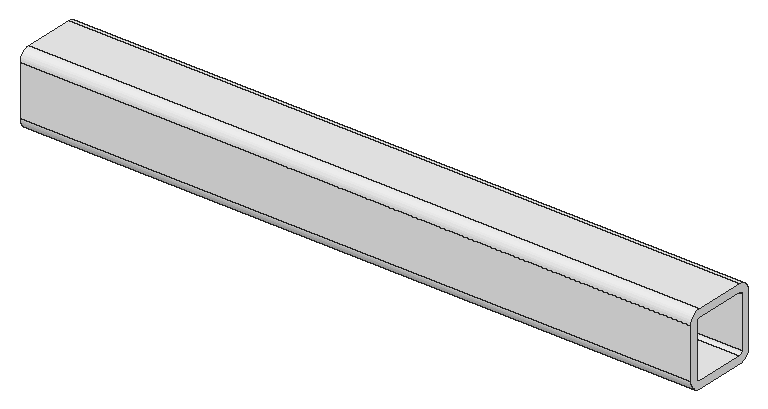
Revit family "CQV - Cortes quadrados vazados (sem emenda)", category Quadro estrutural, Revit 2019
Family settings
  Arredondamento do comprimento do framing estrutural = 1 mm
  Forma do corte = Não definido
  Material para o comportamento do modelo = Aço
  Exportar sempre como geometria = Não
  Sempre na vertical = Sim
  Corte com vazios quando carregada = Não
  Representação simbólica = Das configurações de projeto
  Compartilhado = Não
  Exibir o pré-corte da família na vista da planta = Sim
Parameters (values of type "SHS 130x130x12.7")
  ro = 19.05 mm
  t = 12.7 mm
  ri = 6.35 mm
  W = 0.04488
  Structural Material [instance] = Metal - Aço - 250 MPa
  d = 130 mm
  b = 130 mm
  Assembly Code = ""
  Length [instance] = 1500 mm
  A = 0.000572 m²
Reference planes
  plane 1 "Centro (Frente/Trás)": y = 0
  plane 2: z = 0
  plane 3 "Centro (Esquerda/Direita)": x = 4.61
  plane 4 "Membro esquerdo": x = -604.99
  plane 5 "Membro direito": x = 614.21
  plane 6 "Direita": x = 766.61
  plane 7 "Esquerda": x = -733.39
  plane 8: y = 65
  plane 9: y = -65
  plane 10: z = -65
  plane 11: z = 65
Forms (mm)
  Sweep 1, solid, material "Metal - Aço - 250 MPa" <- "Structural Material", detail levels medium
    path origin (0, 0, 0) x (1, 0, 0) y (0, 1, 0)
      loop
        line (-604.99, 0) -> (614.21, 0)
    profile "CQV - Cortes quadrados vazados - Perfil - Médio : CQV - Cortes quadrados vazados - Perfil - Médio" origin (4.61, 0, 0) x (0, 1, 0) y (0, 0, 1)
      loop
        line (-52.3, 52.3) -> (-52.3, -52.3) -> (52.3, -52.3) -> (52.3, 52.3) -> (-52.3, 52.3)
      loop
        line (-65, 65) -> (-65, -65) -> (65, -65) -> (65, 65) -> (-65, 65)
  Sweep 2, solid, material "Metal - Aço - 250 MPa" <- "Structural Material", detail levels fine
    path origin (0, 0, 0) x (1, 0, 0) y (0, 1, 0)
      loop
        line (-604.99, 0) -> (614.21, 0)
    profile "CQV - Cortes quadrados vazados - Perfil - Alto : CQV - Cortes quadrados vazados - Perfil - Alto" origin (4.61, 0, 0) x (0, 1, 0) y (0, 0, 1)
      loop
        arc (-45.95, 52.3) -> (-50.44, 50.44) -> (-52.3, 45.95) r 6.35
        line (-52.3, 45.95) -> (-52.3, -45.95)
        arc (-52.3, -45.95) -> (-50.44, -50.44) -> (-45.95, -52.3) r 6.35
        line (-45.95, -52.3) -> (45.95, -52.3)
        arc (45.95, -52.3) -> (50.44, -50.44) -> (52.3, -45.95) r 6.35
        line (52.3, -45.95) -> (52.3, 45.95)
        arc (52.3, 45.95) -> (50.44, 50.44) -> (45.95, 52.3) r 6.35
        line (45.95, 52.3) -> (-45.95, 52.3)
      loop
        arc (-45.95, 65) -> (-59.42, 59.42) -> (-65, 45.95) r 19.05
        line (-65, 45.95) -> (-65, -45.95)
        arc (-65, -45.95) -> (-59.42, -59.42) -> (-45.95, -65) r 19.05
        line (-45.95, -65) -> (45.95, -65)
        arc (45.95, -65) -> (59.42, -59.42) -> (65, -45.95) r 19.05
        line (65, -45.95) -> (65, 45.95)
        arc (65, 45.95) -> (59.42, 59.42) -> (45.95, 65) r 19.05
        line (45.95, 65) -> (-45.95, 65)
Lines and regions (mm)
  symbolic lines, style "Símbolos de vara", detail levels coarse
    curve 1: line (-733.39, -65, 65) -> (-733.39, 65, 65)
    curve 2: line (-733.39, 65, 65) -> (-733.39, 65, -65)
    curve 3: line (-733.39, -65, -65) -> (-733.39, -65, 65)
    curve 4: line (-733.39, 65, -65) -> (-733.39, -65, -65)
  symbolic lines, style "Faces ocultas", detail levels medium+fine
    curve 5: line (-604.99, 52.3, 0) -> (614.21, 52.3, 0)
    curve 6: line (-604.99, -52.3, 0) -> (614.21, -52.3, 0)
    curve 7: line (-604.99, 0, 52.3) -> (614.21, 0, 52.3)
    curve 8: line (614.21, 0, -52.3) -> (-604.99, 0, -52.3)
Dimensions and locks
  "Length": plane 7 "Esquerda" to plane 6 "Direita"
  equal spacing: plane 8, plane 1 "Centro (Frente/Trás)", plane 9
  "b": plane 8 to plane 9
  equal spacing: plane 11, plane 2, plane 10
  "d": plane 10 to plane 11
  aligned and locked: plane 1 "Centro (Frente/Trás)" to Sweep 1 sketch curve
  aligned and locked: plane 1 "Centro (Frente/Trás)" to Sweep 2 sketch curve
  aligned and locked: curve 1 to Sweep 1
  aligned and locked: curve 2 to Sweep 1
  aligned and locked: curve 3 to Sweep 1
  aligned and locked: curve 4 to Sweep 1
  aligned and locked: curve 5 to Sweep 1
  aligned and locked: curve 6 to Sweep 1
  aligned and locked: curve 7 to Sweep 1
  aligned and locked: curve 8 to Sweep 1
  aligned and locked: plane 4 "Membro esquerdo" to Sweep 1 sketch curve
  aligned and locked: plane 5 "Membro direito" to Sweep 1 sketch curve
  aligned and locked: plane 4 "Membro esquerdo" to Sweep 2 sketch curve
  aligned and locked: plane 5 "Membro direito" to Sweep 2 sketch curve
  aligned and locked: plane 4 "Membro esquerdo" to curve 5
  aligned and locked: plane 5 "Membro direito" to curve 5
  aligned and locked: plane 4 "Membro esquerdo" to curve 6
  aligned and locked: plane 5 "Membro direito" to curve 6
  aligned and locked: plane 4 "Membro esquerdo" to curve 7
  aligned and locked: plane 5 "Membro direito" to curve 7
  aligned and locked: plane 4 "Membro esquerdo" to curve 8
  aligned and locked: plane 5 "Membro direito" to curve 8
Types in the file's own list only (298): name | ro | t | ri | W | d | b | A
  SHS 50x50x3.6 | 5 mm | 4 mm | 2 mm | 0.00503 | 50 mm | 50 mm | 0.00 m²
  SHS 50x50x3.9 | 6 mm | 4 mm | 2 mm | 0.00542 | 50 mm | 50 mm | 0.00 m²
  SHS 50x50x4.4 | 7 mm | 4 mm | 2 mm | 0.00607 | 50 mm | 50 mm | 0.00 m²
  SHS 50x50x4.8 | 7 mm | 5 mm | 2 mm | 0.00657 | 50 mm | 50 mm | 0.00 m²
  SHS 50x50x5.2 | 8 mm | 5 mm | 3 mm | 0.00707 | 50 mm | 50 mm | 0.00 m²
  SHS 50x50x5.6 | 8 mm | 6 mm | 3 mm | 0.00755 | 50 mm | 50 mm | 0.00 m²
  SHS 50x50x6.4 | 10 mm | 6 mm | 3 mm | 0.00851 | 50 mm | 50 mm | 0.00 m²
  SHS 50x50x7.1 | 11 mm | 7 mm | 4 mm | 0.00931 | 50 mm | 50 mm | 0.00 m²
  SHS 55x55x3.6 | 5 mm | 4 mm | 2 mm | 0.00532 | 55 mm | 55 mm | 0.00 m²
  SHS 55x55x3.9 | 6 mm | 4 mm | 2 mm | 0.00573 | 55 mm | 55 mm | 0.00 m²
  SHS 55x55x4.4 | 7 mm | 4 mm | 2 mm | 0.00641 | 55 mm | 55 mm | 0.00 m²
  SHS 55x55x4.8 | 7 mm | 5 mm | 2 mm | 0.00695 | 55 mm | 55 mm | 0.00 m²
  SHS 55x55x5.2 | 8 mm | 5 mm | 3 mm | 0.00748 | 55 mm | 55 mm | 0.00 m²
  SHS 55x55x5.6 | 8 mm | 6 mm | 3 mm | 0.008 | 55 mm | 55 mm | 0.00 m²
  SHS 55x55x6.4 | 10 mm | 6 mm | 3 mm | 0.00901 | 55 mm | 55 mm | 0.00 m²
  SHS 55x55x7.1 | 11 mm | 7 mm | 4 mm | 0.00988 | 55 mm | 55 mm | 0.00 m²
  SHS 60x60x3.6 | 5 mm | 4 mm | 2 mm | 0.00616 | 60 mm | 60 mm | 0.00 m²
  SHS 60x60x3.9 | 6 mm | 4 mm | 2 mm | 0.00665 | 60 mm | 60 mm | 0.00 m²
  SHS 60x60x4.4 | 7 mm | 4 mm | 2 mm | 0.00744 | 60 mm | 60 mm | 0.00 m²
  SHS 60x60x4.8 | 7 mm | 5 mm | 2 mm | 0.00807 | 60 mm | 60 mm | 0.00 m²
  SHS 60x60x5.2 | 8 mm | 5 mm | 3 mm | 0.00869 | 60 mm | 60 mm | 0.00 m²
  SHS 60x60x5.6 | 8 mm | 6 mm | 3 mm | 0.00931 | 60 mm | 60 mm | 0.00 m²
  SHS 60x60x6.4 | 10 mm | 6 mm | 3 mm | 0.01051 | 60 mm | 60 mm | 0.00 m²
  SHS 60x60x7.1 | 11 mm | 7 mm | 4 mm | 0.01154 | 60 mm | 60 mm | 0.00 m²
  SHS 65x65x3.6 | 5 mm | 4 mm | 2 mm | 0.00643 | 65 mm | 65 mm | 0.00 m²
  SHS 65x65x3.9 | 6 mm | 4 mm | 2 mm | 0.00693 | 65 mm | 65 mm | 0.00 m²
  SHS 65x65x4.4 | 7 mm | 4 mm | 2 mm | 0.00777 | 65 mm | 65 mm | 0.00 m²
  SHS 65x65x4.8 | 7 mm | 5 mm | 2 mm | 0.00843 | 65 mm | 65 mm | 0.00 m²
  SHS 65x65x5.2 | 8 mm | 5 mm | 3 mm | 0.00908 | 65 mm | 65 mm | 0.00 m²
  SHS 65x65x5.6 | 8 mm | 6 mm | 3 mm | 0.00972 | 65 mm | 65 mm | 0.00 m²
  SHS 65x65x6.4 | 10 mm | 6 mm | 3 mm | 0.01098 | 65 mm | 65 mm | 0.00 m²
  SHS 65x65x7.1 | 11 mm | 7 mm | 4 mm | 0.01206 | 65 mm | 65 mm | 0.00 m²
  SHS 70x70x3.6 | 5 mm | 4 mm | 2 mm | 0.00757 | 70 mm | 70 mm | 0.00 m²
  SHS 70x70x3.9 | 6 mm | 4 mm | 2 mm | 0.00818 | 70 mm | 70 mm | 0.00 m²
  SHS 70x70x4.4 | 7 mm | 4 mm | 2 mm | 0.00917 | 70 mm | 70 mm | 0.00 m²
  SHS 70x70x4.8 | 7 mm | 5 mm | 2 mm | 0.00996 | 70 mm | 70 mm | 0.00 m²
  SHS 70x70x5.2 | 8 mm | 5 mm | 3 mm | 0.01073 | 70 mm | 70 mm | 0.00 m²
  SHS 70x70x5.6 | 8 mm | 6 mm | 3 mm | 0.0115 | 70 mm | 70 mm | 0.00 m²
  SHS 70x70x6.4 | 10 mm | 6 mm | 3 mm | 0.01302 | 70 mm | 70 mm | 0.00 m²
  SHS 70x70x7.1 | 11 mm | 7 mm | 4 mm | 0.01432 | 70 mm | 70 mm | 0.00 m²
  SHS 70x70x8.2 | 12 mm | 8 mm | 4 mm | 0.01632 | 70 mm | 70 mm | 0.00 m²
  SHS 75x75x3.6 | 5 mm | 4 mm | 2 mm | 0.00757 | 75 mm | 75 mm | 0.00 m²
  SHS 75x75x3.9 | 6 mm | 4 mm | 2 mm | 0.00818 | 75 mm | 75 mm | 0.00 m²
  SHS 75x75x4.4 | 7 mm | 4 mm | 2 mm | 0.00917 | 75 mm | 75 mm | 0.00 m²
  SHS 75x75x4.8 | 7 mm | 5 mm | 2 mm | 0.00996 | 75 mm | 75 mm | 0.00 m²
  SHS 75x75x5.2 | 8 mm | 5 mm | 3 mm | 0.01073 | 75 mm | 75 mm | 0.00 m²
  SHS 75x75x5.6 | 8 mm | 6 mm | 3 mm | 0.0115 | 75 mm | 75 mm | 0.00 m²
  SHS 75x75x6.4 | 10 mm | 6 mm | 3 mm | 0.01302 | 75 mm | 75 mm | 0.00 m²
  SHS 75x75x7.1 | 11 mm | 7 mm | 4 mm | 0.01432 | 75 mm | 75 mm | 0.00 m²
  SHS 75x75x8.2 | 12 mm | 8 mm | 4 mm | 0.01632 | 75 mm | 75 mm | 0.00 m²
  SHS 75x75x8.8 | 13 mm | 9 mm | 4 mm | 0.01738 | 75 mm | 75 mm | 0.00 m²
  SHS 75x75x9.5 | 14 mm | 10 mm | 5 mm | 0.0186 | 75 mm | 75 mm | 0.00 m²
  SHS 80x80x3.6 | 5 mm | 4 mm | 2 mm | 0.00825 | 80 mm | 80 mm | 0.00 m²
  SHS 80x80x3.9 | 6 mm | 4 mm | 2 mm | 0.00891 | 80 mm | 80 mm | 0.00 m²
  SHS 80x80x4.4 | 7 mm | 4 mm | 2 mm | 0.00999 | 80 mm | 80 mm | 0.00 m²
  SHS 80x80x4.8 | 7 mm | 5 mm | 2 mm | 0.01085 | 80 mm | 80 mm | 0.00 m²
  SHS 80x80x5.2 | 8 mm | 5 mm | 3 mm | 0.01171 | 80 mm | 80 mm | 0.00 m²
  SHS 80x80x5.6 | 8 mm | 6 mm | 3 mm | 0.01255 | 80 mm | 80 mm | 0.00 m²
  SHS 80x80x6.4 | 10 mm | 6 mm | 3 mm | 0.01422 | 80 mm | 80 mm | 0.00 m²
  SHS 80x80x7.1 | 11 mm | 7 mm | 4 mm | 0.01565 | 80 mm | 80 mm | 0.00 m²
  SHS 80x80x8.2 | 12 mm | 8 mm | 4 mm | 0.01786 | 80 mm | 80 mm | 0.00 m²
  SHS 80x80x8.8 | 13 mm | 9 mm | 4 mm | 0.01903 | 80 mm | 80 mm | 0.00 m²
  SHS 80x80x9.5 | 14 mm | 10 mm | 5 mm | 0.02038 | 80 mm | 80 mm | 0.00 m²
  SHS 85x85x3.9 | 6 mm | 4 mm | 2 mm | 0.0094 | 85 mm | 85 mm | 0.00 m²
  SHS 85x85x4.4 | 7 mm | 4 mm | 2 mm | 0.01055 | 85 mm | 85 mm | 0.00 m²
  SHS 85x85x4.8 | 7 mm | 5 mm | 2 mm | 0.01146 | 85 mm | 85 mm | 0.00 m²
  SHS 85x85x5.2 | 8 mm | 5 mm | 3 mm | 0.01236 | 85 mm | 85 mm | 0.00 m²
  SHS 85x85x5.6 | 8 mm | 6 mm | 3 mm | 0.01326 | 85 mm | 85 mm | 0.00 m²
  SHS 85x85x6.4 | 10 mm | 6 mm | 3 mm | 0.01503 | 85 mm | 85 mm | 0.00 m²
  SHS 85x85x7.1 | 11 mm | 7 mm | 4 mm | 0.01655 | 85 mm | 85 mm | 0.00 m²
  SHS 85x85x8.2 | 12 mm | 8 mm | 4 mm | 0.01889 | 85 mm | 85 mm | 0.00 m²
  SHS 85x85x8.8 | 13 mm | 9 mm | 4 mm | 0.02014 | 85 mm | 85 mm | 0.00 m²
  SHS 85x85x9.5 | 14 mm | 10 mm | 5 mm | 0.02158 | 85 mm | 85 mm | 0.00 m²
  SHS 90x90x3.9 | 6 mm | 4 mm | 2 mm | 0.01001 | 90 mm | 90 mm | 0.00 m²
  SHS 90x90x4.4 | 7 mm | 4 mm | 2 mm | 0.01124 | 90 mm | 90 mm | 0.00 m²
  SHS 90x90x4.8 | 7 mm | 5 mm | 2 mm | 0.01222 | 90 mm | 90 mm | 0.00 m²
  SHS 90x90x5.2 | 8 mm | 5 mm | 3 mm | 0.01318 | 90 mm | 90 mm | 0.00 m²
  SHS 90x90x5.6 | 8 mm | 6 mm | 3 mm | 0.01414 | 90 mm | 90 mm | 0.00 m²
  SHS 90x90x6.4 | 10 mm | 6 mm | 3 mm | 0.01604 | 90 mm | 90 mm | 0.00 m²
  SHS 90x90x7.1 | 11 mm | 7 mm | 4 mm | 0.01767 | 90 mm | 90 mm | 0.00 m²
  SHS 90x90x8.2 | 12 mm | 8 mm | 4 mm | 0.02018 | 90 mm | 90 mm | 0.00 m²
  SHS 90x90x8.8 | 13 mm | 9 mm | 4 mm | 0.0215 | 90 mm | 90 mm | 0.00 m²
  SHS 90x90x9.5 | 14 mm | 10 mm | 5 mm | 0.02308 | 90 mm | 90 mm | 0.00 m²
  SHS 90x90x10.3 | 15 mm | 10 mm | 5 mm | 0.02482 | 90 mm | 90 mm | 0.00 m²
  SHS 90x90x11.1 | 17 mm | 11 mm | 6 mm | 0.02653 | 90 mm | 90 mm | 0.00 m²
  SHS 95x95x4.4 | 7 mm | 4 mm | 2 mm | 0.01193 | 95 mm | 95 mm | 0.00 m²
  SHS 95x95x4.8 | 7 mm | 5 mm | 2 mm | 0.01296 | 95 mm | 95 mm | 0.00 m²
  SHS 95x95x5.2 | 8 mm | 5 mm | 3 mm | 0.01399 | 95 mm | 95 mm | 0.00 m²
  SHS 95x95x5.6 | 8 mm | 6 mm | 3 mm | 0.01501 | 95 mm | 95 mm | 0.00 m²
  SHS 95x95x6.4 | 10 mm | 6 mm | 3 mm | 0.01703 | 95 mm | 95 mm | 0.00 m²
  SHS 95x95x7.1 | 11 mm | 7 mm | 4 mm | 0.01877 | 95 mm | 95 mm | 0.00 m²
  SHS 95x95x8.2 | 12 mm | 8 mm | 4 mm | 0.02146 | 95 mm | 95 mm | 0.00 m²
  SHS 95x95x8.8 | 13 mm | 9 mm | 4 mm | 0.0229 | 95 mm | 95 mm | 0.00 m²
  SHS 95x95x9.5 | 14 mm | 10 mm | 5 mm | 0.02455 | 95 mm | 95 mm | 0.00 m²
  SHS 95x95x10.3 | 15 mm | 10 mm | 5 mm | 0.02642 | 95 mm | 95 mm | 0.00 m²
  SHS 95x95x11.1 | 17 mm | 11 mm | 6 mm | 0.02825 | 95 mm | 95 mm | 0.00 m²
  SHS 100x100x4.4 | 7 mm | 4 mm | 2 mm | 0.01265 | 100 mm | 100 mm | 0.00 m²
  SHS 100x100x4.8 | 7 mm | 5 mm | 2 mm | 0.01375 | 100 mm | 100 mm | 0.00 m²
  SHS 100x100x5.2 | 8 mm | 5 mm | 3 mm | 0.01485 | 100 mm | 100 mm | 0.00 m²
  SHS 100x100x5.6 | 8 mm | 6 mm | 3 mm | 0.01594 | 100 mm | 100 mm | 0.00 m²
  SHS 100x100x6.4 | 10 mm | 6 mm | 3 mm | 0.01809 | 100 mm | 100 mm | 0.00 m²
  SHS 100x100x7.1 | 11 mm | 7 mm | 4 mm | 0.01994 | 100 mm | 100 mm | 0.00 m²
  SHS 100x100x8.2 | 12 mm | 8 mm | 4 mm | 0.02281 | 100 mm | 100 mm | 0.00 m²
  SHS 100x100x8.8 | 13 mm | 9 mm | 4 mm | 0.02435 | 100 mm | 100 mm | 0.00 m²
  SHS 100x100x9.5 | 14 mm | 10 mm | 5 mm | 0.02612 | 100 mm | 100 mm | 0.00 m²
  SHS 100x100x10.3 | 15 mm | 10 mm | 5 mm | 0.02812 | 100 mm | 100 mm | 0.00 m²
  SHS 100x100x11.1 | 17 mm | 11 mm | 6 mm | 0.03008 | 100 mm | 100 mm | 0.00 m²
  SHS 100x100x12.7 | 19 mm | 13 mm | 6 mm | 0.03392 | 100 mm | 100 mm | 0.00 m²
  SHS 105x105x4.8 | 7 mm | 5 mm | 2 mm | 0.01447 | 105 mm | 105 mm | 0.00 m²
  SHS 105x105x5.2 | 8 mm | 5 mm | 3 mm | 0.01562 | 105 mm | 105 mm | 0.00 m²
  SHS 105x105x5.6 | 8 mm | 6 mm | 3 mm | 0.01677 | 105 mm | 105 mm | 0.00 m²
  SHS 105x105x6.4 | 10 mm | 6 mm | 3 mm | 0.01903 | 105 mm | 105 mm | 0.00 m²
  SHS 105x105x7.1 | 11 mm | 7 mm | 4 mm | 0.02099 | 105 mm | 105 mm | 0.00 m²
  SHS 105x105x8.2 | 12 mm | 8 mm | 4 mm | 0.02402 | 105 mm | 105 mm | 0.00 m²
  SHS 105x105x8.8 | 13 mm | 9 mm | 4 mm | 0.02565 | 105 mm | 105 mm | 0.00 m²
  SHS 105x105x9.5 | 14 mm | 10 mm | 5 mm | 0.02753 | 105 mm | 105 mm | 0.00 m²
  SHS 105x105x10.3 | 15 mm | 10 mm | 5 mm | 0.02964 | 105 mm | 105 mm | 0.00 m²
  SHS 105x105x11.1 | 17 mm | 11 mm | 6 mm | 0.03173 | 105 mm | 105 mm | 0.00 m²
  SHS 105x105x12.7 | 19 mm | 13 mm | 6 mm | 0.0358 | 105 mm | 105 mm | 0.00 m²
  SHS 110x110x4.8 | 7 mm | 5 mm | 2 mm | 0.01518 | 110 mm | 110 mm | 0.00 m²
  SHS 110x110x5.2 | 8 mm | 5 mm | 3 mm | 0.01639 | 110 mm | 110 mm | 0.00 m²
  SHS 110x110x5.6 | 8 mm | 6 mm | 3 mm | 0.01759 | 110 mm | 110 mm | 0.00 m²
  SHS 110x110x6.4 | 10 mm | 6 mm | 3 mm | 0.01998 | 110 mm | 110 mm | 0.00 m²
  SHS 110x110x7.1 | 11 mm | 7 mm | 4 mm | 0.02204 | 110 mm | 110 mm | 0.00 m²
  SHS 110x110x8.2 | 12 mm | 8 mm | 4 mm | 0.02524 | 110 mm | 110 mm | 0.00 m²
  SHS 110x110x8.8 | 13 mm | 9 mm | 4 mm | 0.02695 | 110 mm | 110 mm | 0.00 m²
  SHS 110x110x9.5 | 14 mm | 10 mm | 5 mm | 0.02893 | 110 mm | 110 mm | 0.00 m²
  SHS 110x110x10.3 | 15 mm | 10 mm | 5 mm | 0.03117 | 110 mm | 110 mm | 0.00 m²
  SHS 110x110x11.1 | 17 mm | 11 mm | 6 mm | 0.03337 | 110 mm | 110 mm | 0.00 m²
  SHS 110x110x12.7 | 19 mm | 13 mm | 6 mm | 0.03768 | 110 mm | 110 mm | 0.00 m²
  SHS 120x120x4.8 | 7 mm | 5 mm | 2 mm | 0.01671 | 120 mm | 120 mm | 0.00 m²
  SHS 120x120x5.2 | 8 mm | 5 mm | 3 mm | 0.01806 | 120 mm | 120 mm | 0.00 m²
  SHS 120x120x5.6 | 8 mm | 6 mm | 3 mm | 0.01939 | 120 mm | 120 mm | 0.00 m²
  SHS 120x120x6.4 | 10 mm | 6 mm | 3 mm | 0.02203 | 120 mm | 120 mm | 0.00 m²
  SHS 120x120x7.1 | 11 mm | 7 mm | 4 mm | 0.02432 | 120 mm | 120 mm | 0.00 m²
  SHS 120x120x8.2 | 12 mm | 8 mm | 4 mm | 0.02787 | 120 mm | 120 mm | 0.00 m²
  SHS 120x120x8.8 | 13 mm | 9 mm | 4 mm | 0.02977 | 120 mm | 120 mm | 0.00 m²
  SHS 120x120x9.5 | 14 mm | 10 mm | 5 mm | 0.03198 | 120 mm | 120 mm | 0.00 m²
  SHS 120x120x10.3 | 15 mm | 10 mm | 5 mm | 0.03447 | 120 mm | 120 mm | 0.00 m²
  SHS 120x120x11.1 | 17 mm | 11 mm | 6 mm | 0.03693 | 120 mm | 120 mm | 0.00 m²
  SHS 120x120x12.7 | 19 mm | 13 mm | 6 mm | 0.04175 | 120 mm | 120 mm | 0.00 m²
  SHS 125x125x4.8 | 7 mm | 5 mm | 2 mm | 0.01754 | 125 mm | 125 mm | 0.00 m²
  SHS 125x125x5.2 | 8 mm | 5 mm | 3 mm | 0.01895 | 125 mm | 125 mm | 0.00 m²
  SHS 125x125x5.6 | 8 mm | 6 mm | 3 mm | 0.02036 | 125 mm | 125 mm | 0.00 m²
  SHS 125x125x6.4 | 10 mm | 6 mm | 3 mm | 0.02314 | 125 mm | 125 mm | 0.00 m²
  SHS 125x125x7.1 | 11 mm | 7 mm | 4 mm | 0.02555 | 125 mm | 125 mm | 0.00 m²
  SHS 125x125x8.2 | 12 mm | 8 mm | 4 mm | 0.02928 | 125 mm | 125 mm | 0.00 m²
  SHS 125x125x8.8 | 13 mm | 9 mm | 4 mm | 0.03129 | 125 mm | 125 mm | 0.00 m²
  SHS 125x125x9.5 | 14 mm | 10 mm | 5 mm | 0.03362 | 125 mm | 125 mm | 0.00 m²
  SHS 125x125x10.3 | 15 mm | 10 mm | 5 mm | 0.03625 | 125 mm | 125 mm | 0.00 m²
  SHS 125x125x11.1 | 17 mm | 11 mm | 6 mm | 0.03884 | 125 mm | 125 mm | 0.00 m²
  SHS 125x125x12.7 | 19 mm | 13 mm | 6 mm | 0.04394 | 125 mm | 125 mm | 0.00 m²
  SHS 130x130x4.8 | 7 mm | 5 mm | 2 mm | 0.0179 | 130 mm | 130 mm | 0.00 m²
  SHS 130x130x5.2 | 8 mm | 5 mm | 3 mm | 0.01934 | 130 mm | 130 mm | 0.00 m²
  SHS 130x130x5.6 | 8 mm | 6 mm | 3 mm | 0.02077 | 130 mm | 130 mm | 0.00 m²
  SHS 130x130x6.4 | 10 mm | 6 mm | 3 mm | 0.02361 | 130 mm | 130 mm | 0.00 m²
  SHS 130x130x7.1 | 11 mm | 7 mm | 4 mm | 0.02607 | 130 mm | 130 mm | 0.00 m²
  SHS 130x130x8.2 | 12 mm | 8 mm | 4 mm | 0.02989 | 130 mm | 130 mm | 0.00 m²
  SHS 130x130x8.8 | 13 mm | 9 mm | 4 mm | 0.03194 | 130 mm | 130 mm | 0.00 m²
  SHS 130x130x9.5 | 14 mm | 10 mm | 5 mm | 0.03432 | 130 mm | 130 mm | 0.00 m²
  SHS 130x130x10.3 | 15 mm | 10 mm | 5 mm | 0.03701 | 130 mm | 130 mm | 0.00 m²
  SHS 130x130x11.1 | 17 mm | 11 mm | 6 mm | 0.03966 | 130 mm | 130 mm | 0.00 m²
  SHS 135x135x4.8 | 7 mm | 5 mm | 2 mm | 0.01896 | 135 mm | 135 mm | 0.00 m²
  SHS 135x135x5.2 | 8 mm | 5 mm | 3 mm | 0.02049 | 135 mm | 135 mm | 0.00 m²
  SHS 135x135x5.6 | 8 mm | 6 mm | 3 mm | 0.02201 | 135 mm | 135 mm | 0.00 m²
  SHS 135x135x6.4 | 10 mm | 6 mm | 3 mm | 0.02503 | 135 mm | 135 mm | 0.00 m²
  SHS 135x135x7.1 | 11 mm | 7 mm | 4 mm | 0.02765 | 135 mm | 135 mm | 0.00 m²
  SHS 135x135x8.2 | 12 mm | 8 mm | 4 mm | 0.03171 | 135 mm | 135 mm | 0.00 m²
  SHS 135x135x8.8 | 13 mm | 9 mm | 4 mm | 0.0339 | 135 mm | 135 mm | 0.00 m²
  SHS 135x135x9.5 | 14 mm | 10 mm | 5 mm | 0.03643 | 135 mm | 135 mm | 0.00 m²
  SHS 135x135x10.3 | 15 mm | 10 mm | 5 mm | 0.03929 | 135 mm | 135 mm | 0.00 m²
  SHS 135x135x11.1 | 17 mm | 11 mm | 6 mm | 0.04213 | 135 mm | 135 mm | 0.00 m²
  SHS 135x135x12.7 | 19 mm | 13 mm | 6 mm | 0.0477 | 135 mm | 135 mm | 0.00 m²
  SHS 140x140x5.2 | 8 mm | 5 mm | 3 mm | 0.02092 | 140 mm | 140 mm | 0.00 m²
  SHS 140x140x5.6 | 8 mm | 6 mm | 3 mm | 0.02247 | 140 mm | 140 mm | 0.00 m²
  SHS 140x140x6.4 | 10 mm | 6 mm | 3 mm | 0.02555 | 140 mm | 140 mm | 0.00 m²
  SHS 140x140x7.1 | 11 mm | 7 mm | 4 mm | 0.02822 | 140 mm | 140 mm | 0.00 m²
  SHS 140x140x8.2 | 12 mm | 8 mm | 4 mm | 0.03238 | 140 mm | 140 mm | 0.00 m²
  SHS 140x140x8.8 | 13 mm | 9 mm | 4 mm | 0.03461 | 140 mm | 140 mm | 0.00 m²
  SHS 140x140x9.5 | 14 mm | 10 mm | 5 mm | 0.0372 | 140 mm | 140 mm | 0.00 m²
  SHS 140x140x10.3 | 15 mm | 10 mm | 5 mm | 0.04013 | 140 mm | 140 mm | 0.00 m²
  SHS 140x140x11.1 | 17 mm | 11 mm | 6 mm | 0.04303 | 140 mm | 140 mm | 0.00 m²
  SHS 140x140x12.7 | 19 mm | 13 mm | 6 mm | 0.04873 | 140 mm | 140 mm | 0.00 m²
  SHS 145x145x5.6 | 8 mm | 6 mm | 3 mm | 0.02378 | 145 mm | 145 mm | 0.00 m²
  SHS 145x145x6.4 | 10 mm | 6 mm | 3 mm | 0.02705 | 145 mm | 145 mm | 0.00 m²
  SHS 145x145x7.1 | 11 mm | 7 mm | 4 mm | 0.02989 | 145 mm | 145 mm | 0.00 m²
  SHS 145x145x8.2 | 12 mm | 8 mm | 4 mm | 0.0343 | 145 mm | 145 mm | 0.00 m²
  SHS 145x145x8.8 | 13 mm | 9 mm | 4 mm | 0.03668 | 145 mm | 145 mm | 0.00 m²
  SHS 145x145x9.5 | 14 mm | 10 mm | 5 mm | 0.03943 | 145 mm | 145 mm | 0.00 m²
  SHS 145x145x10.3 | 15 mm | 10 mm | 5 mm | 0.04255 | 145 mm | 145 mm | 0.00 m²
  SHS 145x145x11.1 | 17 mm | 11 mm | 6 mm | 0.04563 | 145 mm | 145 mm | 0.00 m²
  SHS 145x145x12.7 | 19 mm | 13 mm | 6 mm | 0.05171 | 145 mm | 145 mm | 0.00 m²
  SHS 150x150x6.4 | 10 mm | 6 mm | 3 mm | 0.02858 | 150 mm | 150 mm | 0.00 m²
  SHS 150x150x7.1 | 11 mm | 7 mm | 4 mm | 0.03159 | 150 mm | 150 mm | 0.00 m²
  SHS 150x150x8.2 | 12 mm | 8 mm | 4 mm | 0.03626 | 150 mm | 150 mm | 0.00 m²
  SHS 150x150x8.8 | 13 mm | 9 mm | 4 mm | 0.03878 | 150 mm | 150 mm | 0.00 m²
  SHS 150x150x9.5 | 14 mm | 10 mm | 5 mm | 0.0417 | 150 mm | 150 mm | 0.00 m²
  SHS 150x150x10.3 | 15 mm | 10 mm | 5 mm | 0.04501 | 150 mm | 150 mm | 0.00 m²
  SHS 150x150x11.1 | 17 mm | 11 mm | 6 mm | 0.04829 | 150 mm | 150 mm | 0.00 m²
  SHS 150x150x12.7 | 19 mm | 13 mm | 6 mm | 0.05475 | 150 mm | 150 mm | 0.00 m²
  SHS 155x155x6.4 | 10 mm | 6 mm | 3 mm | 0.02945 | 155 mm | 155 mm | 0.00 m²
  SHS 155x155x7.1 | 11 mm | 7 mm | 4 mm | 0.03255 | 155 mm | 155 mm | 0.00 m²
  SHS 155x155x8.2 | 12 mm | 8 mm | 4 mm | 0.03737 | 155 mm | 155 mm | 0.00 m²
  SHS 155x155x8.8 | 13 mm | 9 mm | 4 mm | 0.03997 | 155 mm | 155 mm | 0.00 m²
  SHS 155x155x9.5 | 14 mm | 10 mm | 5 mm | 0.04299 | 155 mm | 155 mm | 0.00 m²
  SHS 155x155x10.3 | 15 mm | 10 mm | 5 mm | 0.04641 | 155 mm | 155 mm | 0.00 m²
  SHS 155x155x11.1 | 17 mm | 11 mm | 6 mm | 0.04979 | 155 mm | 155 mm | 0.00 m²
  SHS 155x155x12.7 | 19 mm | 13 mm | 6 mm | 0.05647 | 155 mm | 155 mm | 0.00 m²
  SHS 160x160x6.4 | 10 mm | 6 mm | 3 mm | 0.02956 | 160 mm | 160 mm | 0.00 m²
  SHS 160x160x7.1 | 11 mm | 7 mm | 4 mm | 0.03267 | 160 mm | 160 mm | 0.00 m²
  SHS 160x160x8.2 | 12 mm | 8 mm | 4 mm | 0.03751 | 160 mm | 160 mm | 0.00 m²
  SHS 160x160x8.8 | 13 mm | 9 mm | 4 mm | 0.04013 | 160 mm | 160 mm | 0.00 m²
  SHS 160x160x9.5 | 14 mm | 10 mm | 5 mm | 0.04315 | 160 mm | 160 mm | 0.00 m²
  SHS 160x160x10.3 | 15 mm | 10 mm | 5 mm | 0.04658 | 160 mm | 160 mm | 0.00 m²
  SHS 160x160x11.1 | 17 mm | 11 mm | 6 mm | 0.04998 | 160 mm | 160 mm | 0.00 m²
  SHS 160x160x12.7 | 19 mm | 13 mm | 6 mm | 0.05669 | 160 mm | 160 mm | 0.00 m²
  SHS 175x175x6.4 | 10 mm | 6 mm | 3 mm | 0.03357 | 175 mm | 175 mm | 0.00 m²
  SHS 175x175x7.1 | 11 mm | 7 mm | 4 mm | 0.03712 | 175 mm | 175 mm | 0.00 m²
  SHS 175x175x8.2 | 12 mm | 8 mm | 4 mm | 0.04265 | 175 mm | 175 mm | 0.00 m²
  SHS 175x175x8.8 | 13 mm | 9 mm | 4 mm | 0.04564 | 175 mm | 175 mm | 0.00 m²
  SHS 175x175x9.5 | 14 mm | 10 mm | 5 mm | 0.0491 | 175 mm | 175 mm | 0.00 m²
  SHS 175x175x10.3 | 15 mm | 10 mm | 5 mm | 0.05304 | 175 mm | 175 mm | 0.00 m²
  SHS 175x175x11.1 | 17 mm | 11 mm | 6 mm | 0.05694 | 175 mm | 175 mm | 0.00 m²
  SHS 175x175x12.7 | 19 mm | 13 mm | 6 mm | 0.06464 | 175 mm | 175 mm | 0.00 m²
  SHS 180x180x6.4 | 10 mm | 6 mm | 3 mm | 0.03357 | 180 mm | 180 mm | 0.00 m²
  SHS 180x180x7.1 | 11 mm | 7 mm | 4 mm | 0.03712 | 180 mm | 180 mm | 0.00 m²
  SHS 180x180x8.2 | 12 mm | 8 mm | 4 mm | 0.04265 | 180 mm | 180 mm | 0.00 m²
  SHS 180x180x8.8 | 13 mm | 9 mm | 4 mm | 0.04564 | 180 mm | 180 mm | 0.00 m²
  SHS 180x180x9.5 | 14 mm | 10 mm | 5 mm | 0.0491 | 180 mm | 180 mm | 0.00 m²
  SHS 180x180x10.3 | 15 mm | 10 mm | 5 mm | 0.05304 | 180 mm | 180 mm | 0.00 m²
  SHS 180x180x11.1 | 17 mm | 11 mm | 6 mm | 0.05694 | 180 mm | 180 mm | 0.00 m²
  SHS 180x180x12.7 | 19 mm | 13 mm | 6 mm | 0.06464 | 180 mm | 180 mm | 0.00 m²
  SHS 185x185x6.4 | 10 mm | 6 mm | 3 mm | 0.03608 | 185 mm | 185 mm | 0.00 m²
  SHS 185x185x7.1 | 11 mm | 7 mm | 4 mm | 0.0399 | 185 mm | 185 mm | 0.00 m²
  SHS 185x185x8.2 | 12 mm | 8 mm | 4 mm | 0.04586 | 185 mm | 185 mm | 0.00 m²
  SHS 185x185x8.8 | 13 mm | 9 mm | 4 mm | 0.0499 | 185 mm | 185 mm | 0.00 m²
  SHS 185x185x9.5 | 14 mm | 10 mm | 5 mm | 0.05283 | 185 mm | 185 mm | 0.00 m²
  SHS 185x185x10.3 | 15 mm | 10 mm | 5 mm | 0.05708 | 185 mm | 185 mm | 0.00 m²
  SHS 185x185x11.1 | 17 mm | 11 mm | 6 mm | 0.06129 | 185 mm | 185 mm | 0.00 m²
  SHS 185x185x12.7 | 19 mm | 13 mm | 6 mm | 0.06962 | 185 mm | 185 mm | 0.00 m²
  SHS 190x190x6.4 | 10 mm | 6 mm | 3 mm | 0.03608 | 190 mm | 190 mm | 0.00 m²
  SHS 190x190x7.1 | 11 mm | 7 mm | 4 mm | 0.0399 | 190 mm | 190 mm | 0.00 m²
  SHS 190x190x8.2 | 12 mm | 8 mm | 4 mm | 0.04586 | 190 mm | 190 mm | 0.00 m²
  SHS 190x190x8.8 | 13 mm | 9 mm | 4 mm | 0.0499 | 190 mm | 190 mm | 0.00 m²
  SHS 190x190x9.5 | 14 mm | 10 mm | 5 mm | 0.05283 | 190 mm | 190 mm | 0.00 m²
  SHS 190x190x10.3 | 15 mm | 10 mm | 5 mm | 0.05708 | 190 mm | 190 mm | 0.00 m²
  SHS 190x190x11.1 | 17 mm | 11 mm | 6 mm | 0.06129 | 190 mm | 190 mm | 0.00 m²
  SHS 190x190x12.7 | 19 mm | 13 mm | 6 mm | 0.06962 | 190 mm | 190 mm | 0.00 m²
  SHS 195x195x6.4 | 10 mm | 6 mm | 3 mm | 0.03758 | 195 mm | 195 mm | 0.00 m²
  SHS 195x195x7.1 | 11 mm | 7 mm | 4 mm | 0.04157 | 195 mm | 195 mm | 0.00 m²
  SHS 195x195x8.2 | 12 mm | 8 mm | 4 mm | 0.04778 | 195 mm | 195 mm | 0.00 m²
  SHS 195x195x8.8 | 13 mm | 9 mm | 4 mm | 0.05115 | 195 mm | 195 mm | 0.00 m²
  SHS 195x195x9.5 | 14 mm | 10 mm | 5 mm | 0.05506 | 195 mm | 195 mm | 0.00 m²
  SHS 195x195x10.3 | 15 mm | 10 mm | 5 mm | 0.05949 | 195 mm | 195 mm | 0.00 m²
  SHS 195x195x11.1 | 17 mm | 11 mm | 6 mm | 0.06389 | 195 mm | 195 mm | 0.00 m²
  SHS 195x195x12.7 | 19 mm | 13 mm | 6 mm | 0.0726 | 195 mm | 195 mm | 0.00 m²
  SHS 200x200x6.4 | 10 mm | 6 mm | 3 mm | 0.03758 | 200 mm | 200 mm | 0.00 m²
  SHS 200x200x7.1 | 11 mm | 7 mm | 4 mm | 0.04157 | 200 mm | 200 mm | 0.00 m²
  SHS 200x200x8.2 | 12 mm | 8 mm | 4 mm | 0.04778 | 200 mm | 200 mm | 0.00 m²
  SHS 200x200x8.8 | 13 mm | 9 mm | 4 mm | 0.05115 | 200 mm | 200 mm | 0.00 m²
  SHS 200x200x9.5 | 14 mm | 10 mm | 5 mm | 0.05506 | 200 mm | 200 mm | 0.00 m²
  SHS 200x200x10.3 | 15 mm | 10 mm | 5 mm | 0.05949 | 200 mm | 200 mm | 0.00 m²
  SHS 200x200x11.1 | 17 mm | 11 mm | 6 mm | 0.06389 | 200 mm | 200 mm | 0.00 m²
  SHS 200x200x12.7 | 19 mm | 13 mm | 6 mm | 0.0726 | 200 mm | 200 mm | 0.00 m²
  SHS 220x220x6.4 | 10 mm | 6 mm | 3 mm | 0.04209 | 220 mm | 220 mm | 0.00 m²
  SHS 220x220x7.1 | 11 mm | 7 mm | 4 mm | 0.04657 | 220 mm | 220 mm | 0.00 m²
  SHS 220x220x8.2 | 12 mm | 8 mm | 4 mm | 0.05357 | 220 mm | 220 mm | 0.00 m²
  SHS 220x220x8.8 | 13 mm | 9 mm | 4 mm | 0.05736 | 220 mm | 220 mm | 0.00 m²
  SHS 220x220x9.5 | 14 mm | 10 mm | 5 mm | 0.06176 | 220 mm | 220 mm | 0.00 m²
  SHS 220x220x10.3 | 15 mm | 10 mm | 5 mm | 0.06675 | 220 mm | 220 mm | 0.00 m²
  SHS 220x220x11.1 | 17 mm | 11 mm | 6 mm | 0.07172 | 220 mm | 220 mm | 0.00 m²
  SHS 220x220x12.7 | 19 mm | 13 mm | 6 mm | 0.08156 | 220 mm | 220 mm | 0.00 m²
  SHS 240x240x7.1 | 11 mm | 7 mm | 4 mm | 0.05102 | 240 mm | 240 mm | 0.00 m²
  SHS 240x240x8.2 | 12 mm | 8 mm | 4 mm | 0.0587 | 240 mm | 240 mm | 0.00 m²
  SHS 240x240x8.8 | 13 mm | 9 mm | 4 mm | 0.06287 | 240 mm | 240 mm | 0.00 m²
  SHS 240x240x9.5 | 14 mm | 10 mm | 5 mm | 0.06771 | 240 mm | 240 mm | 0.00 m²
  SHS 240x240x10.3 | 15 mm | 10 mm | 5 mm | 0.0732 | 240 mm | 240 mm | 0.00 m²
  SHS 240x240x11.1 | 17 mm | 11 mm | 6 mm | 0.07867 | 240 mm | 240 mm | 0.00 m²
  SHS 240x240x12.7 | 19 mm | 13 mm | 6 mm | 0.08951 | 240 mm | 240 mm | 0.00 m²
  SHS 260x260x7.1 | 11 mm | 7 mm | 4 mm | 0.05545 | 260 mm | 260 mm | 0.00 m²
  SHS 260x260x8.2 | 12 mm | 8 mm | 4 mm | 0.06382 | 260 mm | 260 mm | 0.00 m²
  SHS 260x260x8.8 | 13 mm | 9 mm | 4 mm | 0.06836 | 260 mm | 260 mm | 0.00 m²
  SHS 260x260x9.5 | 14 mm | 10 mm | 5 mm | 0.07363 | 260 mm | 260 mm | 0.00 m²
  SHS 260x260x10.3 | 15 mm | 10 mm | 5 mm | 0.07963 | 260 mm | 260 mm | 0.00 m²
  SHS 260x260x11.1 | 17 mm | 11 mm | 6 mm | 0.0856 | 260 mm | 260 mm | 0.00 m²
  SHS 260x260x12.7 | 19 mm | 13 mm | 6 mm | 0.09743 | 260 mm | 260 mm | 0.00 m²
  SHS 270x270x8.2 | 12 mm | 8 mm | 4 mm | 0.06704 | 270 mm | 270 mm | 0.00 m²
  SHS 270x270x8.8 | 13 mm | 9 mm | 4 mm | 0.07181 | 270 mm | 270 mm | 0.00 m²
  SHS 270x270x9.5 | 14 mm | 10 mm | 5 mm | 0.07736 | 270 mm | 270 mm | 0.00 m²
  SHS 270x270x10.3 | 15 mm | 10 mm | 5 mm | 0.08367 | 270 mm | 270 mm | 0.00 m²
  SHS 270x270x11.1 | 17 mm | 11 mm | 6 mm | 0.08995 | 270 mm | 270 mm | 0.00 m²
  SHS 270x270x12.7 | 19 mm | 13 mm | 6 mm | 0.10241 | 270 mm | 270 mm | 0.00 m²
  SHS 290x290x8.2 | 12 mm | 8 mm | 4 mm | 0.07025 | 290 mm | 290 mm | 0.00 m²
  SHS 290x290x8.8 | 13 mm | 9 mm | 4 mm | 0.07526 | 290 mm | 290 mm | 0.00 m²
  SHS 290x290x9.5 | 14 mm | 10 mm | 5 mm | 0.08108 | 290 mm | 290 mm | 0.00 m²
  SHS 290x290x10.3 | 15 mm | 10 mm | 5 mm | 0.08771 | 290 mm | 290 mm | 0.00 m²
  SHS 290x290x11.1 | 17 mm | 11 mm | 6 mm | 0.0943 | 290 mm | 290 mm | 0.00 m²
  SHS 290x290x12.7 | 19 mm | 13 mm | 6 mm | 0.10739 | 290 mm | 290 mm | 0.00 m²
